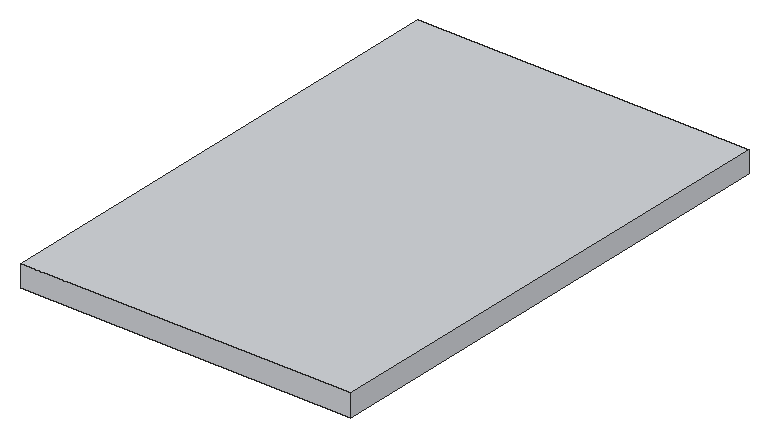
Revit family "CIRQUA-LI 1Xxxx S-FSW", category Oprawy oświetleniowe, Revit 2019
Family settings
  Obiekt nadrzędny = Powierzchnia
  Wymiar okrągłego złącza = Użyj średnicy
  Typ części = Normalny
  Numer OmniClass = 23.80.70.11
  Tytuł OmniClass = Luminaries for Internal Lighting
  Tnij formami wycięć po wczytaniu = Nie
  Źródło światła = Tak
  Współdzielony = Nie
  Punkt obliczania pomieszczeń = Nie
Parameters (values of type "CIRQUA-LI 1X2600-930 S-FSW")
  width = 100 mm  # constant formula
  weight = "1 kg"  # constant formula
  voltage type (AC, DC, UC) = "AC"
  rated input power = 26  # constant formula
  product name = "CIRQUA-LI 1X2600-930 S-FSW"
  nominal voltage = "230"
  nominal frequency = "50-60Hz"
  length = 231 mm  # constant formula
  ingress protection (IP) code = "IP20"
  height = 160 mm  # constant formula
  electrical safety class = "1"
  control gear = ""
  conformity mark = "CE"  # constant formula
  brand = "RIDI"
  approval mark = ""
  built-in parameter 1150104 = 13.8 (stored number, unit not read)
  Wattage = 17.8401 W
  Emituj ze średnicy okręgu = 76 mm  # constant formula
  Default Elevation = 0 mm
  built-in parameter 1150113 = 1 (stored number, unit not read)
  built-in parameter 1114218 = 1 (stored number, unit not read)
  URL = "www.ridi.de"
  built-in parameter 1150134 = (empty or 0)
  built-in parameter 1150109 = 1 (stored number, unit not read)
  built-in parameter 1150110 = 1 (stored number, unit not read)
  Apparent Load = 26 VA  # constant formula
  Tilt Angle = 90.00°
  Model = "0321994AQ"
  built-in parameter 1114217 = 1 (stored number, unit not read)
  built-in parameter 1150139 = (empty or 0)
  built-in parameter 1150105 = 210.88 (stored number, unit not read)
  built-in parameter 1150114 = 1 (stored number, unit not read)
  Lumens = 2650 lm
  built-in parameter 1150115 = 1 (stored number, unit not read)
  built-in parameter 1150112 = 1 (stored number, unit not read)
  Lampa = "LED"
  Producent = "RIDI Leuchten GmbH"  # constant formula
  Dimming Lamp Color Temperature Shift = (empty or 0)
  Color Filter = 16777215
  built-in parameter 1150133 = 10 (stored number, unit not read)
  Emit Shape Visible in Rendering = no
  built-in parameter 1150137 = (empty or 0)
  built-in parameter 1150132 = 2
  Plik sieci fotometrycznej = "CIRQUA-L 1x3200-840 S.IES"
  Copyright = "© RIDI. All rights reserved."  # constant formula
  built-in parameter 1150106 = 2.1088 (stored number, unit not read)
  Kod zespołu = "D5020200"
  built-in parameter 1150107 = 3000 (stored number, unit not read)
  built-in parameter 1150102 = (empty or 0)
  built-in parameter 1150138 = (empty or 0)
Types (4, lengths in mm): name | product name | Wattage | built-in parameter 1150134 | Model | built-in parameter 1150105 | Lumens | built-in parameter 1150106 | built-in parameter 1150107
  (no name) | "CIRQUA-LI 1X2600-930 S-FSW" | 17.8401 W | (empty or 0) | "0321994AQ" | 210.88 (stored number, unit not read) | 2650 lm | 2.1088 (stored number, unit not read) | 3000 (stored number, unit not read)
  CIRQUA-LI 1X3200-840 S-FSW | "CIRQUA-LI 1X3200-840 F-FSW" | 21.8793 W | 12 | "0321986AQ" | 258.63 (stored number, unit not read) | 3250 lm | 2.5863 (stored number, unit not read) | 4000 (stored number, unit not read)
  CIRQUA-LI 1X3000-830 S-FSW | "CIRQUA-LI 1X3000-830 S-FSW" | 20.7349 W | (empty or 0) | "0321990AQ" | 245.1 (stored number, unit not read) | 3080 lm | 2.451 (stored number, unit not read) | 3000 (stored number, unit not read)
  CIRQUA-LI 1X2600-930 S-FSW | "CIRQUA-LI 1X2600-930 S-FSW" | 17.8401 W | (empty or 0) | "0321994AQ" | 210.88 (stored number, unit not read) | 2650 lm | 2.1088 (stored number, unit not read) | 3000 (stored number, unit not read)
Reference planes
  plane 1 "Mitte (Vorne/hinten)": y = 0
  plane 2: z = 24.176
  plane 3 "Mitte (Links/rechts)": x = 22
  plane 4: z = 0
Forms (mm)
  Extrusion 1, solid
    sketch origin (219.2, 280.8, 0) x (1, 0, 0) y (0, 1, 0)
      loop
        line (-1219.2, 1219.2) -> (-1219.2, -1780.8) -> (780.8, -1780.8) -> (780.8, 1219.2) -> (-1219.2, 1219.2)
    from 24.176 to -107.307
Dimensions and locks
  aligned and locked: plane 2 to Extrusion 1
Connectors
  electrical at (22.05, -6.85, -4.224), driven by "Apparent Load"
    settings: on import instance, index 1, voltage 230 V, apparent load 0 VA, apparent load phase1 26 VA, apparent load phase2 0 VA, apparent load phase3 0 VA, power factor 1, load classification "Lighting", number of poles 1, system type 31, power factor state 1, is connector primary yes, connector utility no, sub classification motor no, connector description ""
